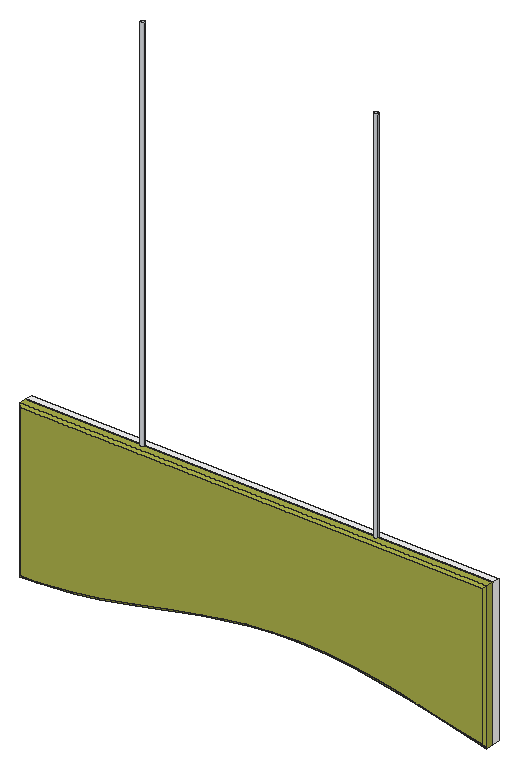
Revit family "CARNEGIE_BAFFLES_RIPPLE", category Generic Models, host Ceiling, Revit 2015
Parameters (values of type "CARNEGIE_BAFFEL_RIPPLE B_ROD")
  METAL MATERIAL [instance] = none
  FRONT MATERIAL [instance] = Xorel Front
  BAFFLE TYPE = CARNEGIE_BAFFLE_RIPPLE B : CARNEGIE_BAFFLE_RIPPLE B
  BACK MATERIAL [instance] = Xorel Back
  ROD LENGTH [instance] = 3' - 3"
Types (12): name | BAFFLE TYPE
  CARNEGIE_BAFFLE_RIPPLE F_ROD | CARNEGIE_BAFFLE_RIPPLE F : CARNEGIE_BAFFLE_RIPPLE F
  CARNEGIE_BAFFEL_RIPPLE E_ROD | CARNEGIE_BAFFLE_RIPPLE E : CARNEGIE_BAFFLE_RIPPLE E
  CARNEGIE_BAFFEL_RIPPLE D_ROD | CARNEGIE_BAFFLE_RIPPLE D : CARNEGIE_BAFFLE_RIPPLE D
  CARNEGIE_BAFFEL_RIPPLE C_ROD | CARNEGIE_BAFFLE_RIPPLE C : CARNEGIE_BAFFLE_RIPPLE C
  CARNEGIE_BAFFEL_RIPPLE B_ROD | CARNEGIE_BAFFLE_RIPPLE B : CARNEGIE_BAFFLE_RIPPLE B
  CARNEGIE_BAFFLE_RIPPLE A_ROD | CARNEGIE_BAFFLE_RIPPLE A : CARNEGIE_BAFFLE_RIPPLE A
  CARNEGIE_BAFFLE_RIPPLE A_CABLE | CARNEGIE_BAFFLE_RIPPLE A_CABLE : CARNEGIE_BAFFLE_RIPPLE A_CABLE
  CARNEGIE_BAFFLE_RIPPLE B_CABLE | CARNEGIE_BAFFLE_RIPPLE B_CABLE : CARNEGIE_BAFFLE_RIPPLE B_CABLE
  CARNEGIE_BAFFLE_RIPPLE C_CABLE | CARNEGIE_BAFFLE_RIPPLE C_CABLE : CARNEGIE_BAFFLE_RIPPLE C_CABLE
  CARNEGIE_BAFFLE_RIPPLE D_CABLE | CARNEGIE_BAFFLE_RIPPLE D_CABLE : CARNEGIE_BAFFLE_RIPPLE D_CABLE
  CARNEGIE_BAFFLE_RIPPLE E_CABLE | CARNEGIE_BAFFLE_RIPPLE E_CABLE : CARNEGIE_BAFFLE_RIPPLE E_CABLE
  CARNEGIE_BAFFLE_RIPPLE F_CABLE | CARNEGIE_BAFFLE_RIPPLE F_CABLE : CARNEGIE_BAFFLE_RIPPLE F_CABLE
Reference planes (in)
  plane 1 "Center (Front/Back)": y = 0
  plane 2 "Ceiling": z = 96
  plane 3 "Center (Left/Right)": x = 0
  plane 4: z = 57
Dimensions and locks (in)
  equal spacing: host sketch curve, plane 3 "Center (Left/Right)", host sketch curve
  equal spacing: host sketch curve, plane 1 "Center (Front/Back)", host sketch curve
  host sketch curve to host sketch curve = 10' - 0"  (x2)
  "ROD LENGTH": plane 2 "Ceiling" to plane 4
Nested families (in)
  nested 1: "CARNEGIE_BAFFLE_RIPPLE B" at (0, 0, 0), type <- "BAFFLE TYPE", BACK MATERIAL <- "BACK MATERIAL", FRONT MATERIAL <- "FRONT MATERIAL", METAL MATERIAL <- "METAL MATERIAL", ROD LENGTH <- "ROD LENGTH", type "CARNEGIE_BAFFLE_RIPPLE B"
Definition of nested family "CARNEGIE_BAFFLE_RIPPLE B"
  Parameters (values of type "CARNEGIE_BAFFLE_RIPPLE B")
    ROD LENGTH [instance] = 3' - 3"
    METAL MATERIAL [instance] = none
    FRONT MATERIAL [instance] = none
    BACK MATERIAL [instance] = none
  Reference planes (in)
    plane 1 "Center (Front/Back)": y = 0
    plane 2 "Ceiling": z = 96
    plane 3 "Center (Left/Right)": x = 0
    plane 4: z = 57
    plane 5: x = -24
    plane 6: x = 24
    plane 7: z = 41
    plane 8: y = 0
    plane 9: y = -1
    plane 10: y = 1
    plane 11: x = -12
    plane 12: x = 12
  Forms (in)
    Extrusion 1, solid, material <- "METAL MATERIAL"
      sketch origin (0, 0, 0) x (1, 0, 0) y (0, 1, 0)
        loop
          circle (-12, 0) r 0.1875
        loop
          circle (12, 0) r 0.1875
      from 57 to 96
    Extrusion 2, solid, material <- "FRONT MATERIAL"
      sketch origin (0, 0, 0) x (1, 0, 0) y (0, 0, 1)
        loop
          line (-24, 57) -> (-24, 41) -> (-22.20974, 41) -> (-18.43607, 41.3532) -> (-15.76141, 41.75116) -> (-12.13815, 42.45052) -> (-8.70079, 43.19391) -> (-5.19888, 43.92258) -> (-2.99878, 44.31818) -> (-0.61956, 44.66025) -> (1.99191, 44.90685) -> (4.8, 45.00005) -> (7.65767, 44.90356) -> (10.30995, 44.64915) -> (12.72273, 44.29772) -> (14.95374, 43.89245) -> (17.07035, 43.45878) -> (21.11828, 42.58192) -> (24, 42.01772) -> (24, 57) -> (-24, 57)
      from 0 to 1
    Sweep 3, void
      path origin (0, 0, 0) x (1, 0, 0) y (0, 0, 1)
        loop
          line (24, 57) -> (-24, 57) -> (-24, 41) -> (-22.20974, 41) -> (-18.43607, 41.3532) -> (-15.76141, 41.75116) -> (-12.13815, 42.45052) -> (-8.70079, 43.19391) -> (-5.19888, 43.92258) -> (-2.99878, 44.31818) -> (-0.61956, 44.66025) -> (1.99191, 44.90685) -> (4.8, 45.00005) -> (7.65767, 44.90356) -> (10.30995, 44.64915) -> (12.72273, 44.29772) -> (14.95374, 43.89245) -> (17.07035, 43.45878) -> (21.11828, 42.58192) -> (24, 42.01772) -> (24, 57)
      profile origin (0, 0, 57) x (0, 0, -1) y (0, -1, 0)
        loop
          line (0, 0.75) -> (0.25, 1) -> (0.25, 1.125) -> (-0.125, 1.125) -> (-0.125, 0.75) -> (0, 0.75)
    Extrusion 4, solid, material <- "BACK MATERIAL"
      sketch origin (0, 0, 0) x (1, 0, 0) y (0, 0, 1)
        loop
          line (24, 57) -> (-24, 57) -> (-24, 41) -> (-22.20974, 41) -> (-18.43607, 41.3532) -> (-15.76141, 41.75116) -> (-12.13815, 42.45052) -> (-8.70079, 43.19391) -> (-5.19888, 43.92258) -> (-2.99878, 44.31818) -> (-0.61956, 44.66025) -> (1.99191, 44.90685) -> (4.8, 45.00005) -> (7.65767, 44.90356) -> (10.30995, 44.64915) -> (12.72273, 44.29772) -> (14.95374, 43.89245) -> (17.07035, 43.45878) -> (21.11828, 42.58192) -> (24, 42.01772) -> (24, 57)
      from 0 to -1
    Sweep 5, void
      path origin (0, 0, 0) x (1, 0, 0) y (0, 0, 1)
        loop
          line (-24, 57) -> (-24, 41) -> (-22.20974, 41) -> (-18.43607, 41.3532) -> (-15.76141, 41.75116) -> (-12.13815, 42.45052) -> (-8.70079, 43.19391) -> (-5.19888, 43.92258) -> (-2.99878, 44.31818) -> (-0.61956, 44.66025) -> (1.99191, 44.90685) -> (4.8, 45.00005) -> (7.65767, 44.90356) -> (10.30995, 44.64915) -> (12.72273, 44.29772) -> (14.95374, 43.89245) -> (17.07035, 43.45878) -> (21.11828, 42.58192) -> (24, 42.01772) -> (24, 57) -> (-24, 57)
      profile origin (0, 0, 57) x (0, 0, 1) y (0, -1, 0)
        loop
          line (0, -0.75) -> (-0.25, -1) -> (-0.25, -1.125) -> (0.125, -1.125) -> (0.125, -0.75) -> (0, -0.75)
  Cuts and joins
    Sweep 3 cuts Extrusion 2
    Sweep 5 cuts Extrusion 4
  Lines and regions (in)
    Masking region 1
      outline origin (0, 0, 0) x (1, 0, 0) y (0, 1, 0)
        loop
          line (-23.75, 1) -> (-24, 0.75) -> (-24, -0.75) -> (-23.75, -1) -> (23.75, -1) -> (24, -0.75) -> (24, 0.75) -> (23.75, 1) -> (-23.75, 1)
        loop
          circle (-12, 0) r 0.1875
        loop
          circle (12, 0) r 0.1875
  Dimensions and locks (in)
    equal spacing: host sketch curve, plane 3 "Center (Left/Right)", host sketch curve
    equal spacing: host sketch curve, plane 1 "Center (Front/Back)", host sketch curve
    host sketch curve to host sketch curve = 10' - 0"  (x2)
    equal spacing: plane 6, plane 3 "Center (Left/Right)", plane 5, locked at 24 each
    locked: plane 6 to plane 5 at 48
    "ROD LENGTH": plane 2 "Ceiling" to plane 4
    locked: plane 8 to plane 9 at 1
    locked: plane 10 to plane 8 at 1
    locked: plane 11 to plane 5 at 12
    locked: plane 12 to plane 6 at 12
    locked: plane 4 to plane 7 at 16
    locked: Sweep 3 sketch curve to profile plane at 0.125
    locked: profile plane to Sweep 3 sketch curve at 0.25
    locked: Sweep 3 sketch curve to plane 9 at 0.25
    locked: plane 9 to Sweep 3 sketch curve at 0.125
    locked: profile plane to Sweep 5 sketch curve at 0.125
    locked: Sweep 5 sketch curve to profile plane at 0.25
    locked: Sweep 5 sketch curve to Extrusion 4 at 0.125
    locked: plane 10 to Sweep 5 sketch curve at 0.25
    aligned and locked: Masking region 1 sketch curve to Extrusion 1  (x4)
    aligned and locked: plane 2 "Ceiling" to host ceiling
    aligned and locked: plane 2 "Ceiling" to Extrusion 1
    aligned and locked: Extrusion 1 to plane 4
    aligned and locked: Extrusion 2 sketch curve to plane 5
    aligned and locked: Extrusion 2 sketch curve to plane 4
    aligned and locked: Extrusion 2 sketch curve to plane 6
    aligned and locked: Extrusion 2 sketch curve to plane 7
    aligned and locked: Sweep 3 sketch curve to Extrusion 2  (x20)
    aligned and locked: Extrusion 4 sketch curve to plane 4
    aligned and locked: Extrusion 4 sketch curve to plane 6
    aligned and locked: Extrusion 4 sketch curve to plane 5
    aligned and locked: Extrusion 4 sketch curve to plane 7
    aligned and locked: Sweep 5 sketch curve to Extrusion 4  (x20)
  Automatic sketch dimensions
    plane 1 "Center (Front/Back)" to Extrusion 1 sketch curve = 0' - 0"  (x2)
    Extrusion 1 sketch curve to plane 11 = 0' - 0"
    Extrusion 1 sketch curve to plane 12 = 0' - 0"
    Masking region 1 sketch curve to plane 5 = 0' - 0"
    Masking region 1 sketch curve to plane 9 = 0' - 0"
    plane 10 to Masking region 1 sketch curve = 0' - 0"
    Masking region 1 sketch curve to plane 6 = 0' - 0"
    plane 5 to Masking region 1 sketch curve = 0' - 0 1/4"  (x2)
    Masking region 1 sketch curve to plane 6 = 0' - 0 1/4"  (x2)
    plane 9 to Masking region 1 sketch curve = 0' - 0 1/4"  (x2)
    plane 10 to Masking region 1 sketch curve = 0' - 0 1/4"  (x2)
    plane 7 to Extrusion 2 sketch curve = 0' - 0.3532"
    plane 5 to Extrusion 2 sketch curve = 0' - 5.56393"
    plane 7 to Extrusion 2 sketch curve = 0' - 0.75116"
    Extrusion 2 sketch curve to Extrusion 2 sketch curve = 0' - 2.67467"
    Extrusion 2 sketch curve to plane 11 = 0' - 0.13815"
    plane 11 to Extrusion 2 sketch curve = 0' - 3.29921"
    plane 7 to Extrusion 2 sketch curve = 0' - 2.92258"
    Extrusion 2 sketch curve to Extrusion 2 sketch curve = 0' - 3.50191"
    plane 7 to Extrusion 2 sketch curve = 0' - 3.31818"
    Extrusion 2 sketch curve to Extrusion 2 sketch curve = 0' - 2.2001"
    plane 7 to Extrusion 2 sketch curve = 0' - 3.66025"
    Extrusion 2 sketch curve to Extrusion 2 sketch curve = 0' - 2.37922"
    plane 7 to Extrusion 2 sketch curve = 0' - 3.90685"
    Extrusion 2 sketch curve to Extrusion 2 sketch curve = 0' - 2.61148"
    Extrusion 2 sketch curve to Extrusion 2 sketch curve = 0' - 2.80809"
    Extrusion 2 sketch curve to Extrusion 2 sketch curve = 0' - 2.85767"
    plane 12 to Extrusion 2 sketch curve = 0' - 1.69005"
    Extrusion 2 sketch curve to plane 12 = 0' - 0.72273"
    Extrusion 2 sketch curve to Extrusion 2 sketch curve = 0' - 2.23102"
    plane 7 to Extrusion 2 sketch curve = 0' - 2.45878"
    Extrusion 2 sketch curve to Extrusion 2 sketch curve = 0' - 2.11661"
    Extrusion 2 sketch curve to plane 6 = 0' - 2.88172"
    plane 7 to Extrusion 2 sketch curve = 0' - 1.45052"
    plane 7 to Extrusion 2 sketch curve = 0' - 1.58192"
    plane 7 to Extrusion 2 sketch curve = 0' - 2.19391"
    Extrusion 2 sketch curve to Extrusion 2 sketch curve = 0' - 0.43367"
    Extrusion 2 sketch curve to Extrusion 2 sketch curve = 0' - 0.40527"
    Extrusion 2 sketch curve to Extrusion 2 sketch curve = 0' - 0.35143"
    Extrusion 2 sketch curve to Extrusion 2 sketch curve = 0' - 0.25441"
    Extrusion 2 sketch curve to Extrusion 2 sketch curve = 0' - 0.0932"
    plane 5 to Extrusion 2 sketch curve = 0' - 1.79026"
    plane 7 to Extrusion 2 sketch curve = 0' - 1.01772"
    Sweep 3 sketch curve to profile plane = 0' - 0"
    Sweep 3 sketch curve to Sweep 3 sketch curve = 0' - 0 1/8"
    Extrusion 4 sketch curve to Extrusion 4 sketch curve = 0' - 1.79026"
    plane 7 to Extrusion 4 sketch curve = 0' - 0.3532"
    Extrusion 4 sketch curve to Extrusion 4 sketch curve = 0' - 3.77367"
    plane 7 to Extrusion 4 sketch curve = 0' - 0.75116"
    Extrusion 4 sketch curve to Extrusion 4 sketch curve = 0' - 2.67467"
    Extrusion 4 sketch curve to plane 11 = 0' - 0.13815"
    plane 11 to Extrusion 4 sketch curve = 0' - 3.29921"
    plane 7 to Extrusion 4 sketch curve = 0' - 2.92258"
    Extrusion 4 sketch curve to Extrusion 4 sketch curve = 0' - 3.50191"
    plane 7 to Extrusion 4 sketch curve = 0' - 3.31818"
    Extrusion 4 sketch curve to Extrusion 4 sketch curve = 0' - 2.2001"
    plane 7 to Extrusion 4 sketch curve = 0' - 3.66025"
    Extrusion 4 sketch curve to Extrusion 4 sketch curve = 0' - 2.37922"
    plane 7 to Extrusion 4 sketch curve = 0' - 3.90685"
    Extrusion 4 sketch curve to Extrusion 4 sketch curve = 0' - 2.61148"
    Extrusion 4 sketch curve to Extrusion 4 sketch curve = 0' - 2.80809"
    Extrusion 4 sketch curve to Extrusion 4 sketch curve = 0' - 2.85767"
    plane 12 to Extrusion 4 sketch curve = 0' - 1.69005"
    Extrusion 4 sketch curve to plane 12 = 0' - 0.72273"
    Extrusion 4 sketch curve to Extrusion 4 sketch curve = 0' - 2.23102"
    plane 7 to Extrusion 4 sketch curve = 0' - 2.45878"
    Extrusion 4 sketch curve to Extrusion 4 sketch curve = 0' - 2.11661"
    Extrusion 4 sketch curve to plane 6 = 0' - 2.88172"
    plane 7 to Extrusion 4 sketch curve = 0' - 1.01772"
    plane 7 to Extrusion 4 sketch curve = 0' - 1.45052"
    plane 7 to Extrusion 4 sketch curve = 0' - 1.58192"
    plane 7 to Extrusion 4 sketch curve = 0' - 2.19391"
    Extrusion 4 sketch curve to Extrusion 4 sketch curve = 0' - 0.43367"
    Extrusion 4 sketch curve to Extrusion 4 sketch curve = 0' - 0.40527"
    Extrusion 4 sketch curve to Extrusion 4 sketch curve = 0' - 0.35143"
    Extrusion 4 sketch curve to Extrusion 4 sketch curve = 0' - 0.25441"
    Extrusion 4 sketch curve to Extrusion 4 sketch curve = 0' - 0.0932"
    profile plane to Sweep 5 sketch curve = 0' - 0"
    Sweep 5 sketch curve to Sweep 5 sketch curve = 0' - 0 1/8"
    radius of Extrusion 1 sketch curve = 0' - 0 3/16"  (x2)
